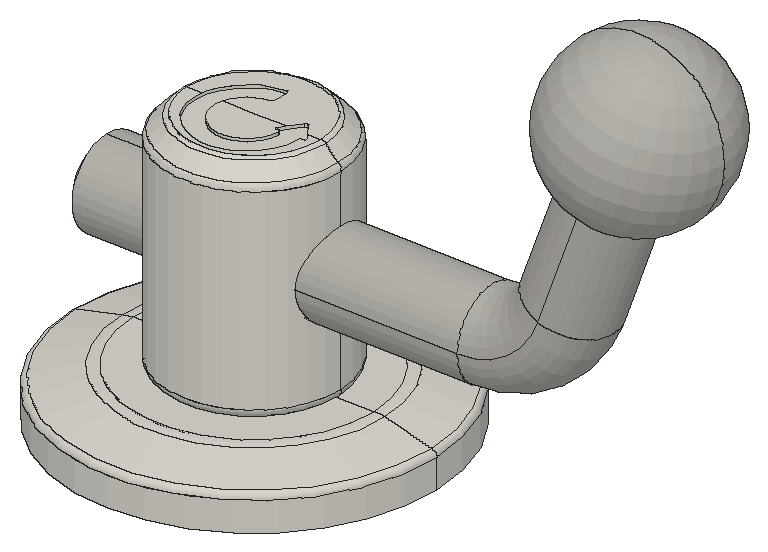
Revit family "Faucet-Deck_Mount-Handle-KALLISTA-Vice-P34871", category Plumbing Fixtures, host Face, Revit 2021
Family settings
  Host = Face
  Round Connector Dimension = Use Diameter
  Part Type = Normal
  OmniClass Number = 23.31.11.00
  OmniClass Title = Faucets
  Cut with Voids When Loaded = No
  Shared = No
  Room Calculation Point = No
Parameters (values of type "Vibrant Brushed Nickel, SN-Polished Nickel")
  Width = 2.51969"  # constant formula
  WaterSense Certified = 1 = 0  # no
  Waste Water Outlet = "Waste Water Outlet"  # constant formula
  Waste Connection = 1 = 0  # no
  Vent Connection = 1 = 0  # no
  URL = "https://www.kallista.com/"
  Type = 2
  Secondary Finish = Kallista-Plastic-BN-Vibrant_Brushed_Nickel
  Product Page URL = ""
  Product Name = "Vice"  # constant formula
  Product Documentation Link = ""
  Pressure = 0.00 psi  # constant formula
  Model = if(Type = 1, "P34871-BAF-AF", if(Type = 2, "P34871-BN-SN", if(Type = 3, "P34871-BV-CP", if(Type = 4, "P34871-CP-CP", if(Type = 5, "P34871-BN-BGP", "NA")))))  # "P34871-BN-SN"
  Material = "Premium Metal Construction"  # constant formula
  Master Format 2014 Name = "Residential Faucets, Supplies, and Trim"  # constant formula
  Master Format 2014 = "22 41 39"  # constant formula
  Manufacturer Address = "444 Highland Dr, Kohler, WI 53044"  # constant formula
  Manufacturer = "Kallista Co."  # constant formula
  Length = 2.51969"  # constant formula
  Hot Water Inlet = "Hot Water Inlet"  # constant formula
  Height = 3.31496"  # constant formula
  Handle Clearance = 3.24409"  # constant formula
  HW Connection = 1 = 0  # no
  Flow Rate = 0 GPM  # constant formula
  Finish = Kallista-Metal-SN-Polished_Nickel
  Environmental Product Declaration = ""
  Drain Included = 1 = 1  # yes
  Description = "Deck Mount Bath Faucet Diverter Handle, Crank"  # constant formula
  Default Elevation = 36"
  Declare Label = ""
  Date Modified = "04/24/2024"  # constant formula
  Date Created = "04/24/2024"  # constant formula
  Copyright = "Copyright Kallista Co."  # constant formula
  Contact Us = "https://www.kallista.com/corporate/contact-us/"
  Cold Water Inlet = "Cold Water Inlet"  # constant formula
  CW Connection = 1 = 1  # yes
  Assembly Code = "D2010"
  ADA Compliant = 1 = 0  # no
Types (6): name | Type | Secondary Finish | Model | Finish
  (no name) | 2 | Kallista-Plastic-BN-Vibrant_Brushed_Nickel | "P34871-BN-SN" | Kallista-Metal-SN-Polished_Nickel
  Brushed French Gold, AF-French Gold | 1 | Kallista-Plastic-BAF-Brushed_French_Gold | "P34871-BAF-AF" | Kallista-Metal-AF-French_Gold
  Vibrant Brushed Nickel, SN-Polished Nickel | 2 | Kallista-Plastic-BN-Vibrant_Brushed_Nickel | "P34871-BN-SN" | Kallista-Metal-SN-Polished_Nickel
  Chrome, CP-Chrome | 4 | Kallista-Plastic-CP-Chrome | "P34871-CP-CP" | Kallista-Metal-CP-Chrome
  Vibrant Brushed Nickel, BGP | 5 | Kallista-Plastic-BN-Vibrant_Brushed_Nickel | "P34871-BN-BGP" | Kallista-Metal-BGP
  Brushed Bronze, CP-Chrome | 3 | Kallista-Plastic-BV-Brushed_Bronze | "P34871-BV-CP" | Kallista-Metal-CP-Chrome
Reference planes (in)
  plane 1 "Center (Front/Back)": y = 0
  plane 2: z = 0
  plane 3 "Center (Left/Right)": x = 0
  plane 4: z = 0.3338
  plane 5: z = 2.08661
  plane 6: z = 1.53543
  plane 7: z = 1.14173
  plane 8: z = 3.31496
  plane 9: y = 1.25984
  plane 10: y = -1.25984
  plane 11: x = -1.25984
  plane 12: x = 1.25984
  plane 13: x = 3.24409
  plane 14: z = 0.80709
  plane 15: x = -0.59978
  plane 16: z = 1.40551
  plane 17: x = 0.59978
  plane 18: y = 0.29932
  plane 19: y = -0.29932
Dimensions and locks (in)
  plane 5 to level = 2.08661"  (x2)
  plane 7 to level = 1.14173"  (x2)
  "Width": plane 11 to plane 12
  "Length": plane 9 to plane 10
  "Height": plane 8 to level
  "Handle Clearance": plane 13 to plane 3 "Center (Left/Right)"
  plane 14 to level = 0.80709"
  plane 3 "Center (Left/Right)" to plane 13 = 3.24409"
  plane 11 to plane 13 = 4.50394"
  plane 17 to plane 15 = 1.19955"
  plane 18 to plane 19 = 0.59864"
  aligned and locked: plane 2 to host face
  aligned and locked: level to host face
  aligned and locked: nested 1 to plane 1 "Center (Front/Back)"
  aligned and locked: plane 3 "Center (Left/Right)" to nested 1
Automatic sketch dimensions
  host sketch curve to host sketch curve = 96"  (x2)
Nested families (in)
  nested 1: "P34871" at (0, 0, 0) x (-1, 0, 0) z (0, 0, 1), type "P34871"
Connectors (in)
  piping at (0, 0, 0), diameter 0.5, driven by "Pressure", driven by "CW Connection", driven by "Cold Water Inlet"
    settings: on nested 1, index 4, connector inside diameter 24", connector length 0", flow factor 0, pipe flow 0 GPM, pressure drop 0.00 psi, fitting loss kfactor 0, connector angle 0.00°, fixture units 0, engagement length 0", angle of deflection 0.00°, flow configuration 0, flow direction 1, fitting loss method 0, system type 20, joint type 0, gender type 0, connector reference index -1, connector utility 1, adjustable connector no, is connector primary yes, connector description "Cold Water Inlet"
Definition of nested family "P34871"
  Parameters (values of type "P34871")
    Secondary Finish = none
    Material = none
    Default Elevation = 0"
  Reference planes (in)
    plane 1 "Center (Front/Back)": y = 0
    plane 2: z = 0
    plane 3 "Center (Left/Right)": x = 0
    plane 4: x = -1.25984
    plane 5: y = 1.25984
    plane 6: x = -3.24409
    plane 7: z = 0.80709
    plane 8: z = 1.40551
    plane 9: z = 3.31496
    plane 10: z = 1.1063
    plane 11: y = -1.25984
    plane 12: x = 1.25984
  Forms (in)
    Revolve 1, solid, material <- "Material", detail levels medium+fine
      sketch origin (0, 0, 0) x (1, 0, 0) y (0, 0, 1)
        loop
          line (0, 1.88448) -> (-0.4605, 1.88448)
          arc (-0.4605, 1.88448) -> (-0.47748, 1.8811) -> (-0.49188, 1.87148) r 0.04438
          line (-0.49188, 1.87148) -> (-0.58127, 1.78208)
          arc (-0.58127, 1.78208) -> (-0.59556, 1.76069) -> (-0.60058, 1.73547) r 0.06593
          line (-0.60058, 1.73547) -> (-0.60058, 0.39039)
          arc (-0.60058, 0.39039) -> (-0.5914, 0.35768) -> (-0.56654, 0.33452) r 0.06286
          line (-0.56654, 0.33452) -> (-0.8298, 0.33452)
          arc (-0.8298, 0.33452) -> (-0.86754, 0.33222) -> (-0.90471, 0.32532) r 0.30968
          line (-0.90471, 0.32532) -> (-1.22576, 0.24528)
          arc (-1.22576, 0.24528) -> (-1.25031, 0.22934) -> (-1.25984, 0.20166) r 0.04496
          line (-1.25984, 0.20166) -> (-1.25984, 0) -> (0, 0) -> (0, 1.88448)
        axis (0, 0) -> (0, 1.88448)
      angle from 0 to 360
    Revolve 2, solid, material <- "Secondary Finish", detail levels medium+fine
      sketch origin (0, 0, 0) x (1, 0, 0) y (0, 0, 1)
        loop
          line (1.08422, 1.1063) -> (1.08422, 1.30315) -> (1.01255, 1.40551) -> (-0.32659, 1.40551) -> (-0.32659, 1.1063) -> (1.08422, 1.1063)
        axis (-0.32659, 1.1063) -> (1.08422, 1.1063)
      angle from 0 to 360
    Sweep 3, solid, material <- "Secondary Finish"
      path origin (0, 0, 0) x (1, 0, 0) y (0, 0, 1)
        loop
          line (-0.3937, 1.40551) -> (-1.64005, 1.40551)
          arc (-1.64005, 1.40551) -> (-1.80952, 1.45894) -> (-1.91769, 1.59991) r 0.29545
          line (-1.91769, 1.59991) -> (-2.22994, 2.45782)
      profile origin (-1.01688, 0, 1.40551) x (0, 0, -1) y (0, -1, 0)
        loop
          circle (0.29921, 0) r 0.29921
    Revolve 4, solid, material <- "Secondary Finish"
      sketch origin (0, 0, 0) x (1, 0, 0) y (0, 0, 1)
        loop
          arc (-2.46368, 2.16165) -> (-2.09723, 2.9123) -> (-2.84787, 3.27875) r 0.59066
          line (-2.84787, 3.27875) -> (-2.46368, 2.16165)
        axis (-2.46368, 2.16165) -> (-2.84787, 3.27875)
      angle from 0 to 360
    Revolve 5, solid, material <- "Material", detail levels coarse
      sketch origin (0, 0, 0) x (1, 0, 0) y (0, 0, 1)
        loop
          line (0, 1.88448) -> (-0.60058, 1.88448) -> (-0.60058, 0.33452) -> (-0.86782, 0.33452) -> (-1.25984, 0.23678) -> (-1.25984, 0) -> (0, 0) -> (0, 1.88448)
        axis (0, 0) -> (0, 1.88448)
      angle from 0 to 360
    Revolve 6, solid, material <- "Secondary Finish", detail levels coarse
      sketch origin (0, 0, 0) x (1, 0, 0) y (0, 0, 1)
        loop
          line (1.08422, 1.1063) -> (1.08422, 1.40551) -> (-0.32659, 1.40551) -> (-0.32659, 1.1063) -> (1.08422, 1.1063)
        axis (-0.32659, 1.1063) -> (1.08422, 1.1063)
      angle from 0 to 360
    Sweep 7, solid, material <- "Secondary Finish", detail levels coarse
      path origin (0, 0, 0) x (1, 0, 0) y (0, 0, 1)
        loop
          line (-0.3937, 1.40551) -> (-1.64005, 1.40551)
          arc (-1.64005, 1.40551) -> (-1.80952, 1.45894) -> (-1.91769, 1.59991) r 0.29545
          line (-1.91769, 1.59991) -> (-2.22994, 2.45782)
      profile origin (-1.01688, 0, 1.40551) x (0, 0, -1) y (0, -1, 0)
        loop
          circle (0.29921, 0) r 0.29921
    Revolve 8, solid, material <- "Secondary Finish", detail levels coarse
      sketch origin (0, 0, 0) x (1, 0, 0) y (0, 0, 1)
        loop
          arc (-2.46368, 2.16165) -> (-2.09723, 2.9123) -> (-2.84787, 3.27875) r 0.59066
          line (-2.84787, 3.27875) -> (-2.46368, 2.16165)
        axis (-2.46368, 2.16165) -> (-2.84787, 3.27875)
      angle from 0 to 360
    Extrusion 9, void
      sketch origin (-1.98687, -1.47638, 0) x (1, 0, 0) y (0, 1, 0)
        loop
          arc (1.58268, 1.43336) -> (1.58272, 1.41813) -> (1.59739, 1.41405) r 0.01261
          arc (1.59739, 1.41405) -> (1.61344, 1.41249) -> (1.62152, 1.39854) r 0.01764
          arc (1.62152, 1.39854) -> (2.24262, 1.15812) -> (2.00652, 1.78088) r 0.36463
          arc (2.00652, 1.78088) -> (1.99153, 1.77541) -> (1.98521, 1.76075) r 0.02016
          line (1.98521, 1.76075) -> (1.98521, 1.66402)
          arc (1.98521, 1.66402) -> (1.99072, 1.64987) -> (2.00436, 1.64318) r 0.02092
          arc (2.00436, 1.64318) -> (2.14438, 1.25506) -> (1.75867, 1.40159) r 0.22704
          arc (1.75867, 1.40159) -> (1.7652, 1.41527) -> (1.78028, 1.41677) r 0.01544
          arc (1.78028, 1.41677) -> (1.79449, 1.42031) -> (1.79466, 1.43496) r 0.01198
          line (1.79466, 1.43496) -> (1.70357, 1.55585)
          arc (1.70357, 1.55585) -> (1.68928, 1.56297) -> (1.67498, 1.55585) r 0.0179
          line (1.67498, 1.55585) -> (1.58268, 1.43336)
      from 1.86604 to 9.84252
  Cuts and joins
    Extrusion 9 cuts Revolve 1
  Lines and regions (in)
    Masking region 1
      outline origin (0, 0, 0) x (1, 0, 0) y (0, 1, 0)
        loop
          line (-1.22388, 0.29885) -> (-2.1571, 0.29885)
          arc (-2.1571, 0.29885) -> (-2.81718, 0.57347) -> (-3.24409, 0) r 0.58111
          arc (-3.24409, 0) -> (-2.81718, -0.57347) -> (-2.1571, -0.29885) r 0.58111
          line (-2.1571, -0.29885) -> (-1.22388, -0.29885)
          arc (-1.22388, -0.29885) -> (-0.77922, -0.98996) -> (-0.00299, -1.25984) r 1.25984
          arc (-0.00299, -1.25984) -> (0.8883, -0.89338) -> (1.25984, -0.0042) r 1.25984
          arc (1.25984, -0.0042) -> (0.89405, 0.88763) -> (0.00487, 1.25983) r 1.25984
          arc (0.00487, 1.25983) -> (-0.77613, 0.99239) -> (-1.22388, 0.29885) r 1.25984
    Masking region 2
      outline origin (0, 0, 0) x (1, 0, 0) y (0, 0, 1)
        loop
          line (0, 0) -> (1.25984, 0) -> (1.25984, 0.19464)
          arc (1.25984, 0.19464) -> (1.24714, 0.23154) -> (1.21441, 0.25279) r 0.05993
          line (1.21441, 0.25279) -> (0.92545, 0.32484)
          arc (0.92545, 0.32484) -> (0.88572, 0.3322) -> (0.84539, 0.33467) r 0.33094
          line (0.84539, 0.33467) -> (0.57673, 0.33467)
          arc (0.57673, 0.33467) -> (0.59357, 0.35045) -> (0.59978, 0.37266) r 0.04285
          line (0.59978, 0.37266) -> (0.59978, 0.80709) -> (0.98342, 0.80709)
          arc (0.98342, 0.80709) -> (1.00164, 0.81128) -> (1.0162, 0.823) r 0.0417
          line (1.0162, 0.823) -> (1.07076, 0.89234)
          arc (1.07076, 0.89234) -> (1.08076, 0.91065) -> (1.08422, 0.93122) r 0.06287
          line (1.08422, 0.93122) -> (1.08422, 1.1063) -> (1.08422, 1.28138)
          arc (1.08422, 1.28138) -> (1.08076, 1.30195) -> (1.07076, 1.32026) r 0.06287
          line (1.07076, 1.32026) -> (1.0162, 1.3896)
          arc (1.0162, 1.3896) -> (1.00164, 1.40132) -> (0.98342, 1.40551) r 0.0417
          line (0.98342, 1.40551) -> (0.59978, 1.40551) -> (0.59978, 1.74262)
          arc (0.59978, 1.74262) -> (0.59648, 1.75919) -> (0.58709, 1.77325) r 0.04332
          line (0.58709, 1.77325) -> (0.47944, 1.88089)
          arc (0.47944, 1.88089) -> (0.46406, 1.89117) -> (0.44592, 1.89478) r 0.04742
          line (0.44592, 1.89478) -> (0, 1.89478) -> (-0.44592, 1.89478)
          arc (-0.44592, 1.89478) -> (-0.46406, 1.89117) -> (-0.47944, 1.88089) r 0.04742
          line (-0.47944, 1.88089) -> (-0.58709, 1.77325)
          arc (-0.58709, 1.77325) -> (-0.59648, 1.75919) -> (-0.59978, 1.74262) r 0.04332
          line (-0.59978, 1.74262) -> (-0.59978, 1.40551) -> (-1.62105, 1.40551)
          arc (-1.62105, 1.40551) -> (-1.80694, 1.46412) -> (-1.9256, 1.61875) r 0.32409
          line (-1.9256, 1.61875) -> (-2.18394, 2.32856)
          arc (-2.18394, 2.32856) -> (-2.84311, 3.28103) -> (-2.76004, 2.12569) r 0.6004
          line (-2.76004, 2.12569) -> (-2.49795, 1.40561)
          arc (-2.49795, 1.40561) -> (-2.16492, 0.97159) -> (-1.64317, 0.80709) r 0.90964
          line (-1.64317, 0.80709) -> (-0.59978, 0.80709) -> (-0.59978, 0.37266)
          arc (-0.59978, 0.37266) -> (-0.59357, 0.35045) -> (-0.57673, 0.33467) r 0.04285
          line (-0.57673, 0.33467) -> (-0.84539, 0.33467)
          arc (-0.84539, 0.33467) -> (-0.88572, 0.3322) -> (-0.92545, 0.32484) r 0.33094
          line (-0.92545, 0.32484) -> (-1.21441, 0.25279)
          arc (-1.21441, 0.25279) -> (-1.24714, 0.23154) -> (-1.25984, 0.19464) r 0.05993
          line (-1.25984, 0.19464) -> (-1.25984, 0) -> (0, 0)
    Masking region 3
      outline origin (0, 0, 0) x (0, 1, 0) y (0, 0, 1)
        loop
          line (0, 0) -> (1.25984, 0) -> (1.25984, 0.19645)
          arc (1.25984, 0.19645) -> (1.24804, 0.23073) -> (1.21764, 0.25047) r 0.05567
          line (1.21764, 0.25047) -> (0.92265, 0.32402)
          arc (0.92265, 0.32402) -> (0.8802, 0.33189) -> (0.8371, 0.33452) r 0.35362
          line (0.8371, 0.33452) -> (0.56654, 0.33452)
          arc (0.56654, 0.33452) -> (0.59122, 0.35799) -> (0.6003, 0.3908) r 0.06379
          line (0.6003, 0.3908) -> (0.6003, 1.73988)
          arc (0.6003, 1.73988) -> (0.59599, 1.76157) -> (0.5837, 1.77996) r 0.05669
          line (0.5837, 1.77996) -> (0.49184, 1.87182)
          arc (0.49184, 1.87182) -> (0.47618, 1.88229) -> (0.4577, 1.88596) r 0.04828
          line (0.4577, 1.88596) -> (0.29932, 1.88596) -> (0.29932, 2.21533)
          arc (0.29932, 2.21533) -> (0.56982, 2.87951) -> (0, 3.31496) r 0.59055
          arc (0, 3.31496) -> (-0.56982, 2.87951) -> (-0.29932, 2.21533) r 0.59055
          line (-0.29932, 2.21533) -> (-0.29932, 1.88596) -> (-0.4577, 1.88596)
          arc (-0.4577, 1.88596) -> (-0.47618, 1.88229) -> (-0.49184, 1.87182) r 0.04828
          line (-0.49184, 1.87182) -> (-0.5837, 1.77996)
          arc (-0.5837, 1.77996) -> (-0.59599, 1.76157) -> (-0.6003, 1.73988) r 0.05669
          line (-0.6003, 1.73988) -> (-0.6003, 0.3908)
          arc (-0.6003, 0.3908) -> (-0.59122, 0.35799) -> (-0.56654, 0.33452) r 0.06379
          line (-0.56654, 0.33452) -> (-0.8371, 0.33452)
          arc (-0.8371, 0.33452) -> (-0.8802, 0.33189) -> (-0.92265, 0.32402) r 0.35362
          line (-0.92265, 0.32402) -> (-1.21764, 0.25047)
          arc (-1.21764, 0.25047) -> (-1.24804, 0.23073) -> (-1.25984, 0.19645) r 0.05567
          line (-1.25984, 0.19645) -> (-1.25984, 0) -> (0, 0)
    symbolic lines, detail levels medium+fine
      curve 1: arc (-2.1571, -0.29885, 0) -> (-2.06988, 0, 0) -> (-2.1571, 0.29885, 0) r 0.55555
      curve 2: circle (0, 0, 0) r 0.59055 normal (0, 0, 1)
      curve 3: circle (0, 0, 0) r 0.4945 normal (0, 0, 1)
      curve 4: line (-1.22388, 0.29885, 0) -> (-0.50935, 0.29885, 0)
      curve 5: line (-1.22388, -0.29885, 0) -> (-0.50935, -0.29885, 0)
      curve 6: line (0.50935, 0.29885, 0) -> (1.00217, 0.29885, 0)
      curve 7: line (1.08422, 0, 0) -> (1.08422, 0.18247, 0)
      curve 8: line (1.07597, 0.20863, 0) -> (1.0189, 0.29014, 0)
      curve 9: arc (1.00217, 0.29885, 0) -> (1.0116, 0.29654, 0) -> (1.0189, 0.29014, 0) r 0.02042
      curve 10: arc (1.08422, 0.18247, 0) -> (1.08211, 0.19619, 0) -> (1.07597, 0.20863, 0) r 0.0456
      curve 11: line (0.50935, -0.29885, 0) -> (1.00217, -0.29885, 0)
      curve 12: line (1.08422, 0, 0) -> (1.08422, -0.18247, 0)
      curve 13: line (1.07597, -0.20863, 0) -> (1.0189, -0.29014, 0)
      curve 14: arc (1.00217, -0.29885, 0) -> (1.0116, -0.29654, 0) -> (1.0189, -0.29014, 0) r 0.02042
      curve 15: arc (1.08422, -0.18247, 0) -> (1.08211, -0.19619, 0) -> (1.07597, -0.20863, 0) r 0.0456
      curve 16: arc (-2.1571, 0.29885, 0) -> (-1.85826, 0, 0) -> (-2.1571, -0.29885, 0) r 0.29885
      curve 17: line (1.00217, -0.29885, 0) -> (1.00217, 0.29885, 0)
      curve 18: line (1.07597, -0.20863, 0) -> (1.07597, 0.20863, 0)
      curve 19: line (1.0189, 0.29014, 0) -> (1.0189, -0.29014, 0)
      curve 20: line (-0.57673, 0, 0.33467) -> (0.57673, 0, 0.33467)
      curve 21: line (-1.25984, 0, 0.19464) -> (1.25984, 0, 0.19464)
      curve 22: line (-1.21441, 0, 0.25279) -> (1.21441, 0, 0.25279)
      curve 23: line (-0.59978, 0, 1.74262) -> (0.59978, 0, 1.74262)
      curve 24: line (-0.58709, 0, 1.77325) -> (0.59401, 0, 1.77325)
      curve 25: line (-0.47944, 0, 1.88089) -> (0.47944, 0, 1.88089)
      curve 26: line (-1.64317, 0, 0.80709) -> (-1.64317, 0, 1.40551)
      curve 27: line (-2.49795, 0, 1.40561) -> (-1.92405, 0, 1.61449)
      curve 28: line (-2.76004, 0, 2.12569) -> (-2.17594, 0, 2.33828)
      curve 29: arc (-0.59978, 0, 0.80709) -> (-0.53328, 0, 1.1063) -> (-0.59978, 0, 1.40551) r 0.70642
      curve 30: arc (0.59978, 0, 1.40551) -> (0.53174, 0, 1.1063) -> (0.59978, 0, 0.80709) r 0.69193
      curve 31: line (0, 1.25984, 0.19645) -> (0, -1.25984, 0.19645)
      curve 32: line (0, -1.21764, 0.25047) -> (0, 1.21764, 0.25047)
      curve 33: line (0, 0.56654, 0.33452) -> (0, -0.56654, 0.33452)
      curve 34: line (0, 0.29932, 1.87182) -> (0, 0.29932, 1.1063)
      curve 35: line (0, -0.29932, 1.88596) -> (0, -0.29932, 1.1063)
      curve 36: line (0, 0.6003, 1.73988) -> (0, 0.29932, 1.73988)
      curve 37: line (0, 0.49184, 1.87182) -> (0, 0.29932, 1.87182)
      curve 38: line (0, 0.5837, 1.77996) -> (0, 0.29932, 1.77996)
      curve 39: line (0, 0.29932, 1.87182) -> (0, 0.29932, 1.93585)
      curve 40: line (0, -0.6003, 1.73988) -> (0, -0.29932, 1.73988)
      curve 41: line (0, -0.49184, 1.87182) -> (0, -0.29932, 1.87182)
      curve 42: line (0, -0.5837, 1.77996) -> (0, -0.29932, 1.77996)
      curve 43: arc (0, 0.29932, 2.21533) -> (0, 0, 2.13744) -> (0, -0.29932, 2.21533) r 0.61407
      curve 44: arc (0, 0.29932, 2.21533) -> (0, 0, 2.09851) -> (0, -0.29932, 2.21533) r 0.44186
      curve 45: arc (0, 0.29932, 1.1063) -> (0, 0, 0.80698) -> (0, -0.29932, 1.1063) r 0.29932
      curve 46: arc (0, -0.29932, 1.20349) -> (0, 0, 0.7916) -> (0, 0.29932, 1.20349) r 0.3147
      curve 47: arc (-0.6994, -0.29885, 0) -> (0, -0.76057, 0) -> (0.6994, -0.29885, 0) r 0.76057
      curve 48: arc (-0.67037, -0.29885, 0) -> (0, -0.73396, 0) -> (0.67037, -0.29885, 0) r 0.73396
      curve 49: arc (-1.05504, -0.29885, 0) -> (1.09655, 0, 0) -> (-1.05504, 0.29885, 0) r 1.09655
      curve 50: arc (-1.0856, -0.29885, 0) -> (1.12598, 0, 0) -> (-1.0856, 0.29885, 0) r 1.12598
      curve 51: arc (0.67037, 0.29885, 0) -> (0, 0.73396, 0) -> (-0.67037, 0.29885, 0) r 0.73396
      curve 52: arc (0.6994, 0.29885, 0) -> (0, 0.76057, 0) -> (-0.6994, 0.29885, 0) r 0.76057
      curve 53: arc (0.0175, 0.1668, 0) -> (0.15751, -0.22132, 0) -> (-0.2282, -0.07479, 0) r 0.22704
      curve 54: arc (-0.36535, -0.07784, 0) -> (0.25575, -0.31826, 0) -> (0.01965, 0.3045, 0) r 0.36463
      curve 55: arc (-0.38947, -0.06232, 0) -> (-0.37343, -0.06389, 0) -> (-0.36535, -0.07784, 0) r 0.01764
      curve 56: arc (-0.40418, -0.04302, 0) -> (-0.40414, -0.05824, 0) -> (-0.38947, -0.06232, 0) r 0.01261
      curve 57: line (-0.31188, 0.07947, 0) -> (-0.40418, -0.04302, 0)
      curve 58: arc (-0.2833, 0.07947, 0) -> (-0.29759, 0.08659, 0) -> (-0.31188, 0.07947, 0) r 0.0179
      curve 59: line (-0.1922, -0.04142, 0) -> (-0.2833, 0.07947, 0)
      curve 60: arc (-0.20658, -0.0596, 0) -> (-0.19237, -0.05606, 0) -> (-0.1922, -0.04142, 0) r 0.01198
      curve 61: arc (-0.2282, -0.07479, 0) -> (-0.22167, -0.06111, 0) -> (-0.20658, -0.0596, 0) r 0.01544
      curve 62: arc (0.01965, 0.3045, 0) -> (0.00466, 0.29903, 0) -> (-0.00166, 0.28437, 0) r 0.02016
      curve 63: line (-0.00166, 0.28437, 0) -> (-0.00166, 0.18764, 0)
      curve 64: arc (-0.00166, 0.18764, 0) -> (0.00386, 0.17349, 0) -> (0.0175, 0.1668, 0) r 0.02092
      curve 65: line (0.98342, 0, 0.80709) -> (0.98342, 0, 1.40551)
      curve 66: line (1.0162, 0, 0.823) -> (1.0162, 0, 1.3896)
      curve 67: line (1.07076, 0, 0.89234) -> (1.07076, 0, 1.32026)
  Dimensions and locks (in)
    plane 6 to plane 3 "Center (Left/Right)" = 3.24409"
    plane 8 to plane 7 = 0.59843"
    plane 1 "Center (Front/Back)" to plane 5 = 1.25984"
    plane 4 to plane 3 "Center (Left/Right)" = 1.25984"
    aligned and locked: plane 2 to level
